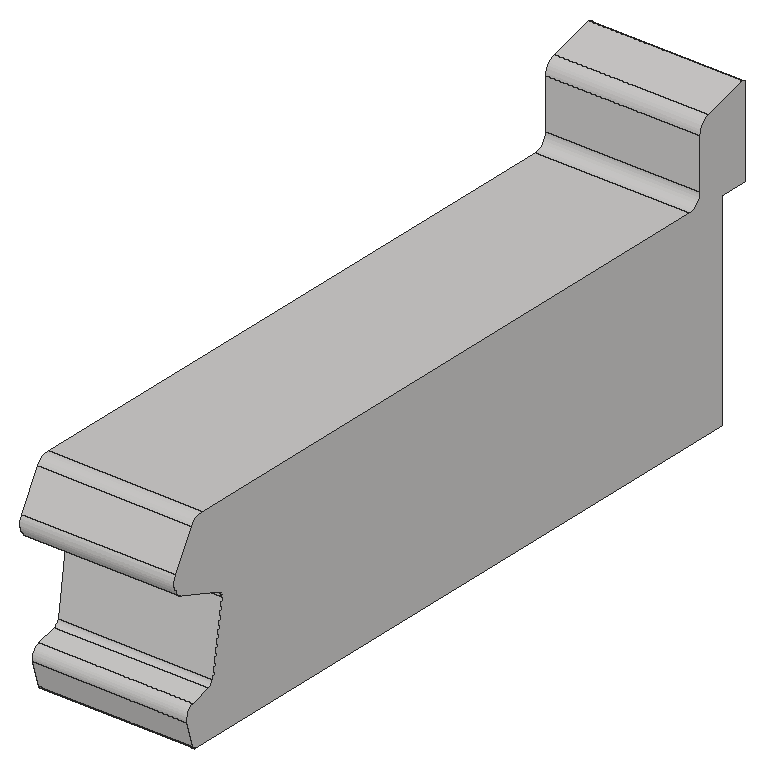
Revit family "QF_CAPIC_AM6_W290602", category Equipement spécialisé, Revit 2018
Family settings
  Cote de connecteur circulaire = Utiliser le diamètre
  Type d'élément = Normal
  Numéro OmniClass = 23.40.40.14
  Titre OmniClass = Food Service Equipment
  Basée sur le plan de construction = Non
  Toujours verticalement = Oui
  Couper avec des vides une fois chargée = Non
  Partagée = Non
  Point de calcul de pièce = Non
Parameters (values of type "200 x 925 x 270 mm")
  URL catalogue = "http://www.capic-fr.com/fr/"
  Type de Raccord Plomberie [instance] = ""
  Type de Raccord Electrique [instance] = ""
  Type de Gaz = ""
  Type article [instance] = ""
  Tension = 0 V
  Spécification du Fabricant = ""
  Show Logo = yes
  Remarques evacuation [instance] = ""
  Remarques Plomberie [instance] = ""
  Remarques Electricité [instance] = ""
  Puissance électrique  = 0 W
  Puissance Gaz kW = 0
  Profondeur hors tout = 925 mm
  Pression Maximum Eau Adoucie = 0.0 Pa
  Poids net à vide = 20.00 kg
  Phase = 0
  Modèle = "W290602"
  Longueur hors tout = 200 mm
  Intensité nominale = 0 A
  Hauteur hors tout = 390 mm
  Hauteur de Raccordement du Sol Finis = 0 mm
  Hauteur de Raccordement Gaz du Sol Finis = 0 mm
  Hauteur de Raccordement Evacuation Directe du Sol Finis = 0 mm
  Hauteur de Raccordement Eau Froide du Sol Finis = 0 mm
  Hauteur de Raccordement Eau Chaude du Sol Finis = 0 mm
  Hauteur de Raccordement Eau Adoucie du Sol Finis = 0 mm
  Fréquence = 0 Hz
  Fabricant = "CAPIC"
  Débit d'air d'extraction = 0.0 m³/h
  Débit Gaz = 0.0 L/s
  Débit Eau Froide = 0.0 L/s
  Débit Eau Chaude = 0.0 L/s
  Débit Eau Adoucie = 0.0 L/s
  Diamètre de Raccordement Gaz = 0 mm
  Diamètre de Raccordement Evacuation = 0 mm
  Diamètre de Raccordement Eau Froide = 0 mm
  Diamètre de Raccordement Eau Chaude = 0 mm
  Diamètre de Raccordement Eau Adoucie = 0 mm
  Description = "Plan neutre dessus seul"
  Assembly Code = ""
  Classification  Omniclass nombre et titre = "23.40.40.14"
Reference planes
  plane 1 "Centre (avant/arrière)": y = 0
  plane 2: z = 0
  plane 3 "Centre (gauche/droite)": x = 0
  plane 4: x = 200
Forms (mm)
  Extrusion 1, solid, material "QF_Stainless Steel-Brushed"
    sketch origin (0, 0, 0) x (0, 1, 0) y (0, 0, 1)
      loop
        line (-37, 897) -> (0, 897) -> (0, 1013.429)
        arc (0, 1013.429) -> (-0.782, 1015.016) -> (-2.518, 1015.361) r 2
        line (-2.518, 1015.361) -> (-57.918, 1000.516)
        arc (-57.918, 1000.516) -> (-68.074, 993.73) -> (-72, 982.164) r 19
        line (-72, 982.164) -> (-72, 917)
        arc (-72, 917) -> (-76.979, 904.979) -> (-89, 900) r 17
        line (-89, 900) -> (-879.289, 900)
        arc (-879.289, 900) -> (-889.289, 897.321) -> (-896.61, 890) r 20
        line (-896.61, 890) -> (-922.551, 845.067)
        arc (-922.551, 845.067) -> (-924.025, 828.227) -> (-912.071, 816.274) r 20
        line (-912.071, 816.274) -> (-852.584, 794.622)
        arc (-852.584, 794.622) -> (-849.467, 792.029) -> (-848.71, 788.045) r 6
        line (-848.71, 788.045) -> (-863.004, 697.797)
        arc (-863.004, 697.797) -> (-865.152, 693.242) -> (-869.412, 690.554) r 9
        line (-869.412, 690.554) -> (-893.968, 683.511)
        arc (-893.968, 683.511) -> (-902.687, 676.541) -> (-903.87, 665.441) r 14.5
        line (-903.87, 665.441) -> (-894.201, 632.915)
        arc (-894.201, 632.915) -> (-892.759, 630.848) -> (-890.367, 630.054) r 4
        line (-890.367, 630.054) -> (-37, 630.054) -> (-37, 897)
    from 0 to 200
Dimensions and locks
  "Longueur hors tout": plane 3 "Centre (gauche/droite)" to plane 4
  aligned and locked: level to plane 2
  aligned and locked: plane 4 to Extrusion 1
Automatic sketch dimensions
  Extrusion 1 sketch curve to plane 1 "Centre (avant/arrière)" = 0 mm
  plane 1 "Centre (avant/arrière)" to Extrusion 1 sketch curve = 2 mm
  Extrusion 1 sketch curve to Extrusion 1 sketch curve = 0.518 mm
  plane 1 "Centre (avant/arrière)" to Extrusion 1 sketch curve = 37 mm
  plane 1 "Centre (avant/arrière)" to Extrusion 1 sketch curve = 53 mm
  Extrusion 1 sketch curve to Extrusion 1 sketch curve = 4.918 mm
  Extrusion 1 sketch curve to Extrusion 1 sketch curve = 19 mm
  Extrusion 1 sketch curve to Extrusion 1 sketch curve = 17 mm
  Extrusion 1 sketch curve to Extrusion 1 sketch curve = 3.874 mm
  Extrusion 1 sketch curve to Extrusion 1 sketch curve = 2.052 mm
  Extrusion 1 sketch curve to Extrusion 1 sketch curve = 14.294 mm
  Extrusion 1 sketch curve to Extrusion 1 sketch curve = 6.408 mm
  Extrusion 1 sketch curve to Extrusion 1 sketch curve = 8.889 mm
  Extrusion 1 sketch curve to Extrusion 1 sketch curve = 26.705 mm
  Extrusion 1 sketch curve to Extrusion 1 sketch curve = 20.559 mm
  Extrusion 1 sketch curve to Extrusion 1 sketch curve = 0.396 mm
  Extrusion 1 sketch curve to Extrusion 1 sketch curve = 3.998 mm
  Extrusion 1 sketch curve to Extrusion 1 sketch curve = 3.834 mm
  Extrusion 1 sketch curve to Extrusion 1 sketch curve = 17.321 mm  (x2)
  Extrusion 1 sketch curve to Extrusion 1 sketch curve = 13.899 mm
  Extrusion 1 sketch curve to Extrusion 1 sketch curve = 25.942 mm
  Extrusion 1 sketch curve to Extrusion 1 sketch curve = 6.84 mm
  level to Extrusion 1 sketch curve = 630.054 mm
  Extrusion 1 sketch curve to Extrusion 1 sketch curve = 2.86 mm
  Extrusion 1 sketch curve to Extrusion 1 sketch curve = 32.526 mm
  Extrusion 1 sketch curve to Extrusion 1 sketch curve = 4.131 mm
  Extrusion 1 sketch curve to Extrusion 1 sketch curve = 7.043 mm
  Extrusion 1 sketch curve to Extrusion 1 sketch curve = 7.243 mm
  Extrusion 1 sketch curve to Extrusion 1 sketch curve = 90.248 mm
  Extrusion 1 sketch curve to Extrusion 1 sketch curve = 0.939 mm
  Extrusion 1 sketch curve to Extrusion 1 sketch curve = 21.652 mm
  Extrusion 1 sketch curve to Extrusion 1 sketch curve = 18.794 mm
  Extrusion 1 sketch curve to Extrusion 1 sketch curve = 44.933 mm
  Extrusion 1 sketch curve to Extrusion 1 sketch curve = 10 mm
  Extrusion 1 sketch curve to Extrusion 1 sketch curve = 20 mm
  Extrusion 1 sketch curve to Extrusion 1 sketch curve = 65.164 mm
  Extrusion 1 sketch curve to Extrusion 1 sketch curve = 12.913 mm
  Extrusion 1 sketch curve to Extrusion 1 sketch curve = 759.71 mm
